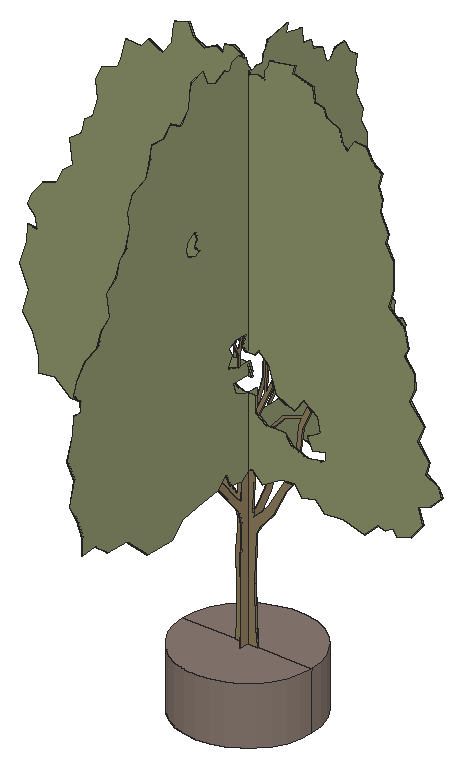
Revit family "L-PLT_가시나무", category 수목, Revit 2019
Family settings
  OmniClass 번호 = 23.40.05.00
  OmniClass 제목 = Plants and Planting Products
  작업 기준면 기반 = 아니오
  항상 수직 = 예
  로드될 때 보이드를 사용하여 절단 = 아니오
  렌더 모양 소스 = 패밀리 형상
  공유 = 아니오
Parameters (values of type "가시나무 5.0H X 18R")
  한국산업규격KS = ""
  콘 높이 = 뿌리분 직경 / 4  # 272.5 mm
  조달청표준공사코드-세부공종 = "10161599202809"
  뿌리분 직경 = (24 mm + ((R / 10) - 3 mm) * 5) * 10  # 1090 mm
  뿌리분 높이 = 뿌리분 직경 / 2  # 545 mm
  높이 = 5000 mm
  건설정보분류체계-부위분류 = "E985"
  R = 200 mm
  LIM_INFO_주의사항 = "재배포, 재가공, 판매 금지"
  LIM_INFO_제작일 = "20211210"
  LIM_INFO_버전 = "2022_V01"
  LIM_INFO_PL_학명 = "Quercus myrsinaefolia Bl."
  LIM_INFO_PL_품명 = "가시나무"
  LIM_INFO_PL_주당인정수량 = 0
  LIM_INFO_PL_수목단위 = "주"
  LIM_INFO_PL_규격 = "5.0H X 18R"
  LIM_INFO_PL_구분 = "상록교목"
  LIM_INFO_PL_가격 = 0
  LIM_INFO_PL_Qty [instance] = 0
  LIM_INFO_PL_M2당수량 = 0
  KBIMS_식별-버전 = ""
  KBIMS_식별-bSK등록번호 = ""
  KBIMS_보급정보-저작자 = "림인포테크_MMJ"
  KBIMS_보급정보-보급코드 = ""
  H = 높이  # 5000 mm
Types (4, lengths in mm): name | 높이 | LIM_INFO_PL_규격 | H
  가시나무 5.0H X 18R | 5000 | "5.0H X 18R" | 5000
  가시나무 4.0H X 10R | 4000 | "4.0H X 10R" | 4000
  가시나무 3.0H X 6R | 3000 | "3.0H X 6R" | 3000
  가시나무 2.0H X 4R | 2000 | "2.0H X 4R" | 2000
Reference planes
  plane 1 "중심(앞/뒤)": y = 0
  plane 2: z = 0
  plane 3 "중심(왼쪽/오른쪽)": x = 0
  plane 4: x = 482.5
  plane 5: x = -607.5
  plane 6: z = -545
  plane 7: z = -817.5
  plane 8: z = 5000
  plane 9: x = -100
  plane 10: x = 100
Forms (mm)
  Revolve 1, solid, material "흙"
    sketch origin (0, 0, 0) x (1, 0, 0) y (0, 0, 1)
      loop
        line (0, 0) -> (-607.5, 0) -> (-607.5, -545) -> (0, -545) -> (0, 0)
      axis (0, 0) -> (0, -545)
    angle from 0 to 360
  Revolve 2, solid, material "흙"
    sketch origin (0, 0, 0) x (1, 0, 0) y (0, 0, 1)
      loop
        line (0, -545) -> (-607.5, -545) -> (0, -817.5) -> (0, -545)
      axis (0, -545) -> (0, -817.5)
    angle from 0 to 360
Dimensions and locks
  "뿌리분 직경": plane 4 to plane 5
  "뿌리분 높이": plane 6 to level
  "콘 높이": plane 7 to plane 6
  "H": level to plane 8
  "R": plane 9 to plane 10
  aligned and locked: level to plane 2
Automatic sketch dimensions
  Revolve 1 sketch curve to level = 0 mm  (x2)
  Revolve 1 sketch curve to plane 5 = 0 mm
  Revolve 1 sketch curve to plane 3 "중심(왼쪽/오른쪽)" = 0 mm  (x2)
  Revolve 1 sketch curve to plane 6 = 0 mm  (x2)
  Revolve 2 sketch curve to plane 5 = 0 mm
  Revolve 2 sketch curve to plane 3 "중심(왼쪽/오른쪽)" = 0 mm  (x2)
  Revolve 2 sketch curve to plane 7 = 0 mm  (x2)
  Revolve 2 sketch curve to plane 6 = 0 mm  (x2)
Nested families
  nested 1: "가시나무_base" at (0, 0, 0), type "가시나무_base"
Definition of nested family "가시나무_base"
  Parameters (values of type "가시나무_base")
    Height = 6000 mm
  Reference planes
    plane 1 "중심(앞/뒤)": y = 0
    plane 2: z = 0
    plane 3 "중심(왼쪽/오른쪽)": x = 0
  Forms (mm)
    Extrusion 1, solid, detail levels fine
      sketch origin (3146.212, 0, -2051.504) x (1, 0, 0) y (0, 0, 1)
        loop
          line (-3925.488, 3427.262) -> (-3684.256, 3471.266) -> (-3524.022, 3497.668) -> (-3428.938, 3597.998) -> (-3365.549, 3471.266) -> (-3231.727, 3443.103) -> (-3099.666, 3541.673) -> (-2997.539, 3444.863) -> (-2823.218, 3548.714) -> (-2696.44, 3557.514) -> (-2629.529, 3462.465) -> (-2502.75, 3488.868) -> (-2416.47, 3397.339) -> (-2238.628, 3416.701) -> (-2036.135, 3358.615) -> (-1912.514, 3474.136) -> (-1844.022, 3458.336) -> (-1779.041, 3500.47) -> (-1742.161, 3442.536) -> (-1599.906, 3488.181) -> (-1492.777, 3621.606) -> (-1533.17, 3763.808) -> (-1414.016, 3809.213) -> (-1310.218, 3912.972) -> (-1346.688, 3994.297) -> (-1464.512, 4067.209) -> (-1430.848, 4176.578) -> (-1537.45, 4316.793) -> (-1475.733, 4462.617) -> (-1613.194, 4630.876) -> (-1565.319, 4744.643) -> (-1572.326, 4877.72) -> (-1665.163, 4993.287) -> (-1626.627, 5061.576) -> (-1665.163, 5226.171) -> (-1810.55, 5360.999) -> (-1770.262, 5511.586) -> (-1768.838, 5757.862) -> (-1840.469, 5890.592) -> (-1814.263, 5965.689) -> (-1889.387, 6133.348) -> (-1870.169, 6238.135) -> (-1909.126, 6334.254) -> (-1877.72, 6458.09) -> (-1968.449, 6520.881) -> (-2024.283, 6629.019) -> (-2135.951, 6634.252) -> (-2197.019, 6538.322) -> (-2251.108, 6567.973) -> (-2279.025, 6684.833) -> (-2397.511, 6745.322) -> (-2428.836, 6816.647) -> (-2514.109, 6835.783) -> (-2524.55, 6964.515) -> (-2715.979, 7004.526) -> (-2696.836, 7081.07) -> (-2856.94, 7049.757) -> (-2935.251, 7037.579) -> (-2949.173, 6971.473) -> (-2978.758, 6943.639) -> (-2983.979, 6865.356) -> (-3048.368, 6881.013) -> (-3117.978, 6856.658) -> (-3168.446, 6921.024) -> (-3184.108, 7001.047) -> (-3269.381, 7051.496) -> (-3352.913, 7032.36) -> (-3372.056, 6962.775) -> (-3432.965, 6994.089) -> (-3543.125, 6938.681) -> (-3647.738, 6989.556) -> (-3692.976, 7102.61) -> (-3825.863, 7065.867) -> (-3845.655, 6975.424) -> (-3856.964, 6865.196) -> (-3944.613, 6754.968) -> (-4069.018, 6825.627) -> (-4142.53, 6738.01) -> (-4289.553, 6746.489) -> (-4323.482, 6596.693) -> (-4360.238, 6489.291) -> (-4515.744, 6432.764) -> (-4575.118, 6302.752) -> (-4549.672, 6155.782) -> (-4603.392, 5989.027) -> (-4671.249, 5938.153) -> (-4708.005, 5808.141) -> (-4820.333, 5728.044) -> (-4786.448, 5510.699) -> (-4885.278, 5431.664) -> (-4936.104, 5315.935) -> (-5071.641, 5262.305) -> (-5173.294, 5135.285) -> (-5210.002, 5033.669) -> (-5133.763, 4954.634) -> (-5128.115, 4855.841) -> (-5207.179, 4864.309) -> (-5224.121, 4711.885) -> (-5286.242, 4511.475) -> (-5201.531, 4313.889) -> (-5255.181, 4113.48) -> (-5167.647, 3966.701) -> (-5112.314, 3794.467) -> (-5108.783, 3644.462) -> (-4962.254, 3658.58) -> (-4808.663, 3538.575) -> (-4595.048, 3533.281) -> (-4344.359, 3314.449) -> (-4054.831, 3312.684) -> (-3925.488, 3427.262)
        loop
          line (-3771.711, 5577.419) -> (-3727.213, 5609.668) -> (-3788.397, 5661.934) -> (-3753.912, 5717.536) -> (-3791.735, 5808.723) -> (-3878.505, 5737.552) -> (-3897.416, 5678.615) -> (-3871.83, 5615.229) -> (-3771.711, 5577.419)
        loop
          line (-3399.532, 4478.187) -> (-3301.415, 4424.688) -> (-3146.212, 4424.688) -> (-3101.614, 4314.124) -> (-3337.094, 4314.124) -> (-3306.767, 4217.826) -> (-3183.675, 4166.111) -> (-3064.151, 4166.111) -> (-3064.151, 4028.798) -> (-2960.683, 3950.333) -> (-2796.561, 3950.333) -> (-2723.419, 3862.952) -> (-2573.568, 3807.67) -> (-2409.446, 3841.552) -> (-2409.446, 3923.584) -> (-2528.289, 3897.5) -> (-2580.704, 3996.698) -> (-2455.828, 4062.68) -> (-2481.445, 4193.749) -> (-2609.247, 4289.158) -> (-2698.444, 4169.678) -> (-2871.486, 4241.009) -> (-2938.639, 4476.517) -> (-3035.608, 4556.651) -> (-3069.503, 4515.636) -> (-3178.323, 4515.636) -> (-3230.057, 4583.401) -> (-3194.379, 4677.915) -> (-3312.119, 4679.698) -> (-3383.476, 4629.766) -> (-3355.038, 4559.789) -> (-3399.532, 4478.187)
      from 0 to 5
    Extrusion 2, solid, detail levels fine
      sketch origin (3146.212, 0, -2051.504) x (1, 0, 0) y (0, 0, 1)
        loop
          line (-3338.867, 4655.13) -> (-3275.946, 4523.241) -> (-3275.946, 4427.424) -> (-3258.407, 4427.424) -> (-3263.111, 4522.55) -> (-3238.11, 4668.413) -> (-3249.257, 4669.653) -> (-3270.17, 4555.022) -> (-3332.484, 4660.622) -> (-3338.867, 4655.13)
        loop
          line (-2950.33, 4473.025) -> (-2967.392, 4486.393) -> (-2978.725, 4215.721) -> (-3054.224, 4062.097) -> (-3053.443, 4037.507) -> (-3033.124, 4019.845) -> (-2904.644, 4302.608) -> (-2915.227, 4344.927) -> (-2962.032, 4249.689) -> (-2950.33, 4473.025)
        loop
          line (-2889.74, 3963.302) -> (-2792.197, 4070.896) -> (-2627.95, 4133.998) -> (-2665.225, 4054.07) -> (-2679.245, 3862.072) -> (-2642.093, 3847.357) -> (-2620.363, 4043.559) -> (-2534.843, 4222.244) -> (-2573.397, 4250.974) -> (-2619.311, 4152.522) -> (-2812.379, 4089.949) -> (-2919.14, 3963.011) -> (-2889.74, 3963.302)
        loop
          line (-3103.606, 3530.169) -> (-3235.295, 3434.745) -> (-3237.704, 3280.454) -> (-3299.964, 3335.031) -> (-3467.917, 3541.509) -> (-3514.352, 3495.787) -> (-3270.022, 3210.759) -> (-3262.176, 3179.094) -> (-3238.667, 3084.222) -> (-3238.162, 3017.369) -> (-3241.417, 2887.206) -> (-3251.484, 2831.247) -> (-3252.347, 2743.034) -> (-3242.898, 2562.421) -> (-3243.379, 2233.188) -> (-3249.484, 2051.504) -> (-3047.069, 2051.504) -> (-3060.967, 2211.024) -> (-3071.261, 2584.908) -> (-3057.471, 3004.328) -> (-3017.119, 3079.027) -> (-2897.128, 3219.599) -> (-2773.322, 3460.117) -> (-2706.98, 3546.984) -> (-2793.782, 3541.837) -> (-2928.139, 3314.288) -> (-2954.272, 3272.684) -> (-2978.954, 3248.979) -> (-3000.731, 3216.083) -> (-3088.77, 3138.804) -> (-3091.874, 3213.566) -> (-3079.257, 3508.233) -> (-3103.606, 3530.169)
      from 0 to 5
    Extrusion 3, solid, detail levels fine
      sketch origin (-0.885, 3162.097, -2051.504) x (0, 1, 0) y (0, 0, 1)
        loop
          line (-3925.488, 3427.262) -> (-3684.256, 3471.266) -> (-3524.022, 3497.668) -> (-3428.938, 3597.998) -> (-3365.549, 3471.266) -> (-3231.727, 3443.103) -> (-3099.666, 3541.673) -> (-2997.539, 3444.863) -> (-2823.218, 3548.714) -> (-2696.44, 3557.514) -> (-2629.529, 3462.465) -> (-2502.75, 3488.868) -> (-2416.47, 3397.339) -> (-2238.628, 3416.701) -> (-2036.135, 3358.615) -> (-1912.514, 3474.136) -> (-1844.022, 3458.336) -> (-1779.041, 3500.47) -> (-1742.161, 3442.536) -> (-1599.906, 3488.181) -> (-1492.777, 3621.606) -> (-1533.17, 3763.808) -> (-1414.016, 3809.213) -> (-1310.218, 3912.972) -> (-1346.688, 3994.297) -> (-1464.512, 4067.209) -> (-1430.848, 4176.578) -> (-1537.45, 4316.793) -> (-1475.733, 4462.617) -> (-1613.194, 4630.876) -> (-1565.319, 4744.643) -> (-1572.326, 4877.72) -> (-1665.163, 4993.287) -> (-1626.627, 5061.576) -> (-1665.163, 5226.171) -> (-1810.55, 5360.999) -> (-1770.262, 5511.586) -> (-1768.838, 5757.862) -> (-1840.469, 5890.592) -> (-1814.263, 5965.689) -> (-1889.387, 6133.348) -> (-1870.169, 6238.135) -> (-1909.126, 6334.254) -> (-1877.72, 6458.09) -> (-1968.449, 6520.881) -> (-2024.283, 6629.019) -> (-2135.951, 6634.252) -> (-2197.019, 6538.322) -> (-2251.108, 6567.973) -> (-2279.025, 6684.833) -> (-2397.511, 6745.322) -> (-2428.836, 6816.647) -> (-2514.109, 6835.783) -> (-2524.55, 6964.515) -> (-2715.979, 7004.526) -> (-2696.836, 7081.07) -> (-2856.94, 7049.757) -> (-2935.251, 7037.579) -> (-2949.173, 6971.473) -> (-2978.758, 6943.639) -> (-2983.979, 6865.356) -> (-3048.368, 6881.013) -> (-3117.978, 6856.658) -> (-3168.446, 6921.024) -> (-3184.108, 7001.047) -> (-3269.381, 7051.496) -> (-3352.913, 7032.36) -> (-3372.056, 6962.775) -> (-3432.965, 6994.089) -> (-3543.125, 6938.681) -> (-3647.738, 6989.556) -> (-3692.976, 7102.61) -> (-3825.863, 7065.867) -> (-3845.655, 6975.424) -> (-3856.964, 6865.196) -> (-3944.613, 6754.968) -> (-4069.018, 6825.627) -> (-4142.53, 6738.01) -> (-4289.553, 6746.489) -> (-4323.482, 6596.693) -> (-4360.238, 6489.291) -> (-4515.744, 6432.764) -> (-4575.118, 6302.752) -> (-4549.672, 6155.782) -> (-4603.392, 5989.027) -> (-4671.249, 5938.153) -> (-4708.005, 5808.141) -> (-4820.333, 5728.044) -> (-4786.448, 5510.699) -> (-4885.278, 5431.664) -> (-4936.104, 5315.935) -> (-5071.641, 5262.305) -> (-5173.294, 5135.285) -> (-5210.002, 5033.669) -> (-5133.763, 4954.634) -> (-5128.115, 4855.841) -> (-5207.179, 4864.309) -> (-5224.121, 4711.885) -> (-5286.242, 4511.475) -> (-5201.531, 4313.889) -> (-5255.181, 4113.48) -> (-5167.647, 3966.701) -> (-5112.314, 3794.467) -> (-5108.783, 3644.462) -> (-4962.254, 3658.58) -> (-4808.663, 3538.575) -> (-4595.048, 3533.281) -> (-4344.359, 3314.449) -> (-4054.831, 3312.684) -> (-3925.488, 3427.262)
        loop
          line (-3771.711, 5577.419) -> (-3727.213, 5609.668) -> (-3788.397, 5661.934) -> (-3753.912, 5717.536) -> (-3791.735, 5808.723) -> (-3878.505, 5737.552) -> (-3897.416, 5678.615) -> (-3871.83, 5615.229) -> (-3771.711, 5577.419)
        loop
          line (-3399.532, 4478.187) -> (-3301.415, 4424.688) -> (-3146.212, 4424.688) -> (-3101.614, 4314.124) -> (-3337.094, 4314.124) -> (-3306.767, 4217.826) -> (-3183.675, 4166.111) -> (-3064.151, 4166.111) -> (-3064.151, 4028.798) -> (-2960.683, 3950.333) -> (-2796.561, 3950.333) -> (-2723.419, 3862.952) -> (-2573.568, 3807.67) -> (-2409.446, 3841.552) -> (-2409.446, 3923.584) -> (-2528.289, 3897.5) -> (-2580.704, 3996.698) -> (-2455.828, 4062.68) -> (-2481.445, 4193.749) -> (-2609.247, 4289.158) -> (-2698.444, 4169.678) -> (-2871.486, 4241.009) -> (-2938.639, 4476.517) -> (-3035.608, 4556.651) -> (-3069.503, 4515.636) -> (-3178.323, 4515.636) -> (-3230.057, 4583.401) -> (-3194.379, 4677.915) -> (-3312.119, 4679.698) -> (-3383.476, 4629.766) -> (-3355.038, 4559.789) -> (-3399.532, 4478.187)
      from 0 to 5
    Extrusion 4, solid, detail levels fine
      sketch origin (-0.885, 3162.097, -2051.504) x (0, 1, 0) y (0, 0, 1)
        loop
          line (-3338.867, 4655.13) -> (-3275.946, 4523.241) -> (-3275.946, 4427.424) -> (-3258.407, 4427.424) -> (-3263.111, 4522.55) -> (-3238.11, 4668.413) -> (-3249.257, 4669.653) -> (-3270.17, 4555.022) -> (-3332.484, 4660.622) -> (-3338.867, 4655.13)
        loop
          line (-2950.33, 4473.025) -> (-2967.392, 4486.393) -> (-2978.725, 4215.721) -> (-3054.224, 4062.097) -> (-3053.443, 4037.507) -> (-3033.124, 4019.845) -> (-2904.644, 4302.608) -> (-2915.227, 4344.927) -> (-2962.032, 4249.689) -> (-2950.33, 4473.025)
        loop
          line (-2889.74, 3963.302) -> (-2792.197, 4070.896) -> (-2627.95, 4133.998) -> (-2665.225, 4054.07) -> (-2679.245, 3862.072) -> (-2642.093, 3847.357) -> (-2620.363, 4043.559) -> (-2534.843, 4222.244) -> (-2573.397, 4250.974) -> (-2619.311, 4152.522) -> (-2812.379, 4089.949) -> (-2919.14, 3963.011) -> (-2889.74, 3963.302)
        loop
          line (-3103.606, 3530.169) -> (-3235.295, 3434.745) -> (-3237.704, 3280.454) -> (-3299.964, 3335.031) -> (-3467.917, 3541.509) -> (-3514.352, 3495.787) -> (-3270.022, 3210.759) -> (-3262.176, 3179.094) -> (-3238.667, 3084.222) -> (-3238.162, 3017.369) -> (-3241.417, 2887.206) -> (-3251.484, 2831.247) -> (-3252.347, 2743.034) -> (-3242.898, 2562.421) -> (-3243.379, 2233.188) -> (-3249.484, 2051.504) -> (-3047.069, 2051.504) -> (-3060.967, 2211.024) -> (-3071.261, 2584.908) -> (-3057.471, 3004.328) -> (-3017.119, 3079.027) -> (-2897.128, 3219.599) -> (-2773.322, 3460.117) -> (-2706.98, 3546.984) -> (-2793.782, 3541.837) -> (-2928.139, 3314.288) -> (-2954.272, 3272.684) -> (-2978.954, 3248.979) -> (-3000.731, 3216.083) -> (-3088.77, 3138.804) -> (-3091.874, 3213.566) -> (-3079.257, 3508.233) -> (-3103.606, 3530.169)
      from 0 to 5
    Revolve 5, solid, detail levels coarse
      sketch origin (0, 0, 0) x (0, 1, 0) y (0, 0, 1)
        loop
          line (0, 0) -> (75, 0) -> (75, 1400.717) -> (485.567, 1400.717)
          arc (485.567, 1400.717) -> (1524.602, 1849.01) -> (1823.927, 2940.324) r 1306.529
          arc (1823.927, 2940.324) -> (1637.994, 3607.662) -> (1333.679, 4230) r 3789.37
          arc (1333.679, 4230) -> (765.323, 4785.579) -> (0, 5000) r 1603.556
          line (0, 5000) -> (0, 0)
        axis (0, 0) -> (0, 5000)
      angle from 0 to 360
  Lines and regions (mm)
    symbolic lines
      curve 1: line (973.648, -284.872, 0) -> (1124.731, -75.121, 0)
      curve 2: line (1124.731, -75.121, 0) -> (1435.292, -75.121, 0)
      curve 3: line (727.878, 364.915, 0) -> (912.045, 785.653, 0)
      curve 4: line (912.045, 785.653, 0) -> (1204.685, 875.702, 0)
      curve 5: line (1065.808, 456.429, 0) -> (1332.478, 318.998, 0)
      curve 6: line (1332.478, 318.998, 0) -> (1440.913, 368.338, 0)
      curve 7: line (-1102.418, 259.252, 0) -> (-1182.406, 435.495, 0)
      curve 8: line (-1182.406, 435.495, 0) -> (-1421.766, 493.872, 0)
      curve 9: line (-856.373, 736.673, 0) -> (-1046.324, 699.546, 0)
      curve 10: line (-1046.324, 699.546, 0) -> (-1232.763, 860.61, 0)
      curve 11: line (-325.967, -172.703, 0) -> (-797.093, 227.636, 0)
      curve 12: line (-797.093, 227.636, 0) -> (-1202.837, 269.65, 0)
      curve 13: line (-1202.837, 269.65, 0) -> (-1353.384, 31.619, 0)
      curve 14: line (-1353.384, 31.619, 0) -> (-1513.154, 3.946, 0)
      curve 15: line (-145.975, 815.267, 0) -> (89.812, 1209.401, 0)
      curve 16: line (89.812, 1209.401, 0) -> (-6.662, 1499.986, 0)
      curve 17: line (394.267, 1098.41, 0) -> (244.977, 1358.626, 0)
      curve 18: line (244.977, 1358.626, 0) -> (289.389, 1469.171, 0)
      curve 19: line (318.048, 756.705, 0) -> (730.074, 959.613, 0)
      curve 20: line (730.074, 959.613, 0) -> (806.868, 1256.008, 0)
      curve 21: line (-263.442, 1478.972, 0) -> (-198.823, 1276.922, 0)
      curve 22: line (-198.823, 1276.922, 0) -> (-336.254, 1010.252, 0)
      curve 23: line (-336.254, 1010.252, 0) -> (-4.966, 670.77, 0)
      curve 24: line (-4.966, 670.77, 0) -> (-77.779, 202.05, 0)
      curve 25: line (-77.779, 202.05, 0) -> (-13.16, 0, 0)
      curve 26: line (-13.16, 0, 0) -> (42.304, 204.753, 0)
      curve 27: line (42.304, 204.753, 0) -> (357.984, 558.795, 0)
      curve 28: line (357.984, 558.795, 0) -> (264.158, 1023.765, 0)
      curve 29: line (264.158, 1023.765, 0) -> (524.375, 1173.054, 0)
      curve 30: line (524.375, 1173.054, 0) -> (579.839, 1377.807, 0)
      curve 31: line (1336.575, 654.383, 0) -> (1134.524, 589.764, 0)
      curve 32: line (1134.524, 589.764, 0) -> (997.093, 323.095, 0)
      curve 33: line (997.093, 323.095, 0) -> (528.373, 395.907, 0)
      curve 34: line (528.373, 395.907, 0) -> (188.891, 64.619, 0)
      curve 35: line (188.891, 64.619, 0) -> (-13.16, 0, 0)
      curve 36: line (-13.16, 0, 0) -> (51.459, -202.05, 0)
      curve 37: line (-54.023, 354.971, 0) -> (-653.451, 506.357, 0)
      curve 38: line (-653.451, 506.357, 0) -> (-923.113, 812.422, 0)
      curve 39: line (-923.113, 812.422, 0) -> (-816.615, 1073.154, 0)
      curve 40: line (-816.615, 1073.154, 0) -> (-886.789, 1219.333, 0)
      curve 41: line (-267.539, 1143.587, 0) -> (-534.208, 1281.019, 0)
      curve 42: line (-534.208, 1281.019, 0) -> (-556.947, 1397.961, 0)
      curve 43: line (679.875, -167.411, 0) -> (881.319, 50.73, 0)
      curve 44: line (881.319, 50.73, 0) -> (1443.685, 126.241, 0)
      curve 45: line (1057.583, -477.844, 0) -> (1225.453, -402.333, 0)
      curve 46: line (1225.453, -402.333, 0) -> (1401.717, -435.894, 0)
      curve 47: line (956.861, -293.263, 0) -> (1133.125, -612.085, 0)
      curve 48: line (1133.125, -612.085, 0) -> (1284.208, -687.596, 0)
      curve 49: line (795.916, -774.011, 0) -> (987.35, -745.502, 0)
      curve 50: line (987.35, -745.502, 0) -> (1166.323, -914.823, 0)
      curve 51: line (-1092.128, -456.429, 0) -> (-1358.797, -318.998, 0)
      curve 52: line (-1358.797, -318.998, 0) -> (-1467.232, -368.338, 0)
      curve 53: line (-754.198, -364.915, 0) -> (-938.365, -785.653, 0)
      curve 54: line (-938.365, -785.653, 0) -> (-1231.004, -875.702, 0)
      curve 55: line (-599.324, -1380.729, 0) -> (-544.875, -1175.703, 0)
      curve 56: line (-544.875, -1175.703, 0) -> (-285.402, -1025.127, 0)
      curve 57: line (-285.402, -1025.127, 0) -> (-381.53, -560.628, 0)
      curve 58: line (-381.53, -560.628, 0) -> (-67.608, -205.025, 0)
      curve 59: line (-67.608, -205.025, 0) -> (-13.16, 0, 0)
      curve 60: line (-13.16, 0, 0) -> (-215.21, -64.619, 0)
      curve 61: line (-215.21, -64.619, 0) -> (-554.692, -395.907, 0)
      curve 62: line (-554.692, -395.907, 0) -> (-1023.412, -323.095, 0)
      curve 63: line (-1023.412, -323.095, 0) -> (-1160.844, -589.764, 0)
      curve 64: line (-1160.844, -589.764, 0) -> (-1362.894, -654.383, 0)
      curve 65: line (82.693, -820.435, 0) -> (-170.658, -1203.515, 0)
      curve 66: line (-170.658, -1203.515, 0) -> (-87.408, -1498.161, 0)
      curve 67: line (-340.614, -758.337, 0) -> (-751.63, -963.284, 0)
      curve 68: line (-751.63, -963.284, 0) -> (-826.953, -1260.056, 0)
      curve 69: line (-415.138, -1100.415, 0) -> (-264.561, -1359.889, 0)
      curve 70: line (-264.561, -1359.889, 0) -> (-308.425, -1470.652, 0)
      curve 71: line (42.266, -204.763, 0) -> (-51.645, -669.716, 0)
      curve 72: line (-51.645, -669.716, 0) -> (263.97, -1023.816, 0)
      curve 73: line (263.97, -1023.816, 0) -> (114.633, -1284.005, 0)
      curve 74: line (114.633, -1284.005, 0) -> (170.059, -1488.768, 0)
      curve 75: line (189.301, -1153.911, 0) -> (449.49, -1303.248, 0)
      curve 76: line (449.49, -1303.248, 0) -> (466.924, -1421.098, 0)
      curve 77: line (11.627, -356.455, 0) -> (603.605, -534.763, 0)
      curve 78: line (603.605, -534.763, 0) -> (859.166, -852.697, 0)
      curve 79: line (859.166, -852.697, 0) -> (740.999, -1108.353, 0)
      curve 80: line (740.999, -1108.353, 0) -> (804.498, -1257.552, 0)
      curve 81: line (0, 0.39, 0) -> (444.856, -75.121, 0)
      curve 82: line (444.856, -75.121, 0) -> (973.648, -293.263, 0)
  Dimensions and locks
    aligned and locked: level to plane 2
